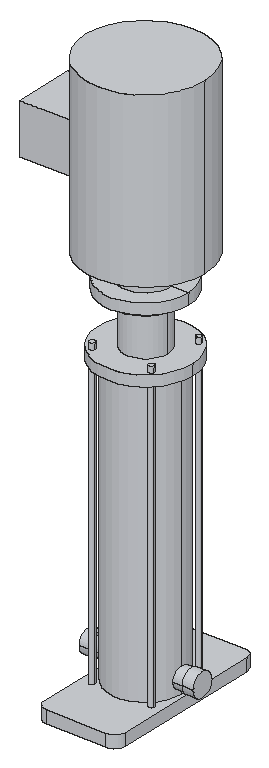
Revit family "多级离心泵 - 立式", category 机械设备, Revit 2020
Family settings
  圆形连接件大小 = 使用半径
  分类 = 泵
  零件类型 = 标准
  基于工作平面 = 否
  总是垂直 = 是
  加载时剪切的空心 = 否
  共享 = 否
  房间计算点 = 否
Parameters (values of type "标准")
  默认高程 = 0.0 mm
  h = 22.0 mm
  重量 = "65 kg"
  电压 = 380 V
  半径 12 = if(G1 < 2 * H, G1 / 2 - 2.0 mm, H)  # 50.0 mm
  泵符号 = 泵符号
  长度 7 = 半径 12 * sin(30.00°)  # 25.0 mm
  长度 6 = 2 * 半径 12 * cos(30.00°)  # 86.603 mm
  长度 5 = 0.4 * G1  # 84.0 mm
  长度 4 = 0.4 * G  # 128.0 mm
  D = 42.2 mm
  半径 11 = if(公称直径 < 65.0 mm, 半径 9, 法兰半径)  # 21.1 mm
  公称半径 = 16 mm
  公称直径 = 公称半径 * 2  # 32 mm
  半径 9 = D / 2  # 21.1 mm
  半径 8 = 0.6 * 半径 5  # 48.0 mm
  半径 7 = D1 / 2  # 110.0 mm
  半径 6 = 0.8 * 半径 5  # 64.0 mm
  半径 5 = if(D3 > 0.0 mm, D3 / 2, 1.5 * 半径 4)  # 80.0 mm
  半径 4 = 0.6 * 半径 2  # 40.5 mm
  半径 3 = 1.3 * 半径 2  # 87.75 mm
  半径 2 = 0.45 * G2  # 67.5 mm
  半径 10 = if(公称直径 < 65.0 mm, 半径 9 - 2.0 mm, 0.7 * 半径 9)  # 19.1 mm
  半径 1 = 20.0 mm  # constant formula
  泵材质 = none
  长度 3 = 高度 4 / 2  # 31.2 mm
  高度 4 = 0.8 * if(D2 - 半径 7 < 高度 3, D2 - 半径 7, 高度 3)  # 62.4 mm
  水头 = 4.7 MPa
  极数 = 3
  负荷分类 = 电气器具 - 居住单元
  长度 2 = if(公称直径 < 65.0 mm, 20.0 mm, 法兰厚度)  # 20.0 mm
  长度 1 = (半径 2 + 10.0 mm) * sin(45.00°)  # 54.801 mm
  高度 3 = B2 / 4  # 93.0 mm
  高度 2 = B2 / 7  # 53.143 mm
  高度 1 = B2 / 3  # 124.0 mm
  H = 50.0 mm
  G2 = 150.0 mm
  G1 = 210.0 mm
  G = 320.0 mm
  流量 = 1.0 m³/h
  法兰厚度 = size_lookup(法兰查找表, "FThk", 0.02 * 公称直径 + 17.5 mm, 公称直径)  # 18.0 mm
  法兰半径 = 法兰直径 / 2  # 70.0 mm
  法兰查找表 = "CHS_Flange Flat Face - Integral - Steel - PN 25"
  法兰直径 = size_lookup(法兰查找表, "FDia", 1.11 * 公称直径 + 113.0 mm, 公称直径)  # 140.0 mm
  D3 = 160.0 mm
  D2 = 188.0 mm
  D1 = 220.0 mm
  B2 = 372.0 mm
  B1 = 680.0 mm
  视在负荷 = 7.5 kW
Reference planes
  plane 1 "中心(前/后)": y = 0
  plane 2: z = 0
  plane 3 "中心(左/右)": x = 0
  plane 4: x = -75
  plane 5: x = 75
  plane 6: z = 22
  plane 7: z = 50
  plane 8: z = 680
  plane 9: z = 1052
  plane 10: y = 160
  plane 11: y = -160
  plane 12: z = 556
  plane 13: z = 576
  plane 14: x = 105
  plane 15: x = -105
  plane 16: z = 670
  plane 17: x = -80
  plane 18: x = -64
  plane 19: z = 660
  plane 20: x = -54.801
  plane 21: x = 54.801
  plane 22: y = 54.801
  plane 23: y = -54.801
  plane 24: z = 733.143
  plane 25: z = 892.571
  plane 26: z = 939.071
  plane 27: z = 846.071
  plane 28: x = -188
  plane 29: x = -110
  plane 30: x = -55
  plane 31: y = 55
  plane 32: y = -55
  plane 33: x = -85
  plane 34: x = 85
  plane 35: z = 586
  plane 36: z = 690
  plane 37: x = -110
  plane 38: x = -149
  plane 39: x = -164.6
  plane 40: x = -133.4
  plane 41: z = 923.771
  plane 42: z = 861.371
  plane 43: y = -32
  plane 44: z = 100
  plane 45: x = 21
  plane 46: x = -25
  plane 47: x = 50
  plane 48: z = 93.301
  plane 49: z = 6.699
  plane 50: x = -50
  plane 51: y = 0.2
  plane 52: y = -0.2
Forms (mm)
  Extrusion 1, solid, material <- "泵材质", detail levels fine
    sketch origin (0, 0, 0) x (1, 0, 0) y (0, 1, 0)
      loop
        arc (-55, 160) -> (-69.142, 154.142) -> (-75, 140) r 20
        line (-75, 140) -> (-75, -140)
        arc (-75, -140) -> (-69.142, -154.142) -> (-55, -160) r 20
        line (-55, -160) -> (55, -160)
        arc (55, -160) -> (69.142, -154.142) -> (75, -140) r 20
        line (75, -140) -> (75, 140)
        arc (75, 140) -> (69.142, 154.142) -> (55, 160) r 20
        line (55, 160) -> (-55, 160)
    from 0 to 22
  Extrusion 2, solid, material <- "泵材质", detail levels fine
    sketch origin (0, 0, 0) x (1, 0, 0) y (0, 1, 0)
      loop
        circle (0, 0) r 67.5
    from 22 to 556
  Extrusion 3, solid, material <- "泵材质", detail levels fine
    sketch origin (0, 0, 0) x (1, 0, 0) y (0, 1, 0)
      loop
        circle (0, 0) r 87.75
    from 556 to 576
  Extrusion 4, solid, material <- "泵材质", detail levels fine
    sketch origin (0, 0, 0) x (1, 0, 0) y (0, 1, 0)
      loop
        circle (0, 0) r 40.5
    from 576 to 660
  Revolve 5, solid, material <- "泵材质", detail levels fine
    sketch origin (0, 0, 0) x (1, 0, 0) y (0, 0, 1)
      loop
        line (-80, 690) -> (-80, 670) -> (-64, 670) -> (-64, 660) -> (0, 660) -> (0, 690) -> (-80, 690)
      axis (0, 690) -> (0, 660)
    angle from 0 to 360
  Extrusion 6, solid, material <- "泵材质", detail levels fine
    sketch origin (0, 0, 0) x (1, 0, 0) y (0, 1, 0)
      loop
        circle (-54.801, 54.801) r 5
      loop
        circle (54.801, 54.801) r 5
      loop
        circle (-54.801, -54.801) r 5
      loop
        circle (54.801, -54.801) r 5
    from 22 to 586
  Extrusion 7, solid, material <- "泵材质", detail levels fine
    sketch origin (0, 0, 0) x (1, 0, 0) y (0, 1, 0)
      loop
        circle (0, 0) r 110
    from 733.143 to 1052
  Extrusion 8, solid, material <- "泵材质", detail levels fine
    sketch origin (0, 0, 0) x (1, 0, 0) y (0, 1, 0)
      loop
        circle (0, 0) r 48
    from 690 to 733.143
  Extrusion 9, solid, material <- "泵材质", detail levels fine
    sketch origin (0, 0, 0) x (1, 0, 0) y (0, 0, 1)
      loop
        line (-188, 939.071) -> (-188, 846.071) -> (-55, 846.071) -> (-55, 939.071) -> (-188, 939.071)
    from -55 to 55
  Extrusion 10, solid, material <- "泵材质", detail levels fine
    sketch origin (0, 0, 0) x (0, 1, 0) y (0, 0, 1)
      loop
        circle (0, 50) r 19.1
    from -85 to 85
  Extrusion 11, solid, material <- "泵材质", detail levels fine
    sketch origin (0, 0, 0) x (0, 1, 0) y (0, 0, 1)
      loop
        circle (0, 50) r 21.1
    from 85 to 105
  Extrusion 12, solid, material <- "泵材质", detail levels fine
    sketch origin (0, 0, 0) x (0, 1, 0) y (0, 0, 1)
      loop
        circle (0, 50) r 21.1
    from -105 to -85
  Extrusion 13, solid, material "泵符号" <- "泵符号", detail levels coarse+medium
    sketch origin (0, 0, 0) x (1, 0, 0) y (0, 0, 1)
      loop
        line (-25, 93.301) -> (-25, 6.699) -> (50, 50) -> (-25, 93.301)
    from -0.2 to 0.2
Cuts and joins
  joined: Extrusion 1, Extrusion 2, Extrusion 3, Extrusion 4, Revolve 5, Extrusion 6, Extrusion 7, Extrusion 8, Extrusion 9, Extrusion 10, Extrusion 11, Extrusion 12
Lines and regions (mm)
  model lines, style "泵", detail levels fine
    curve 1: line (-149, -55, 923.771) -> (-164.6, -55, 892.571)
    curve 2: line (-164.6, -55, 892.571) -> (-133.4, -55, 892.571)
    curve 3: line (-133.4, -55, 892.571) -> (-149, -55, 861.371)
  symbolic lines, style "泵符号", detail levels coarse+medium
    curve 4: line (-105, 160, 0) -> (105, 160, 0)
    curve 5: line (-105, -160, 0) -> (-105, 160, 0)
    curve 6: line (105, -160, 0) -> (-105, -160, 0)
    curve 7: line (105, 160, 0) -> (105, -160, 0)
    curve 8: line (-105, -32, 0) -> (105, -32, 0)
    curve 9: line (-105, -32, 0) -> (105, -160, 0)
    curve 10: line (105, -32, 0) -> (-105, -160, 0)
    curve 11: line (0, 160, 100) -> (0, -160, 100)
    curve 12: line (0, 160, 0) -> (0, 160, 100)
    curve 13: line (0, -160, 0) -> (0, 160, 0)
    curve 14: line (0, -160, 100) -> (0, -160, 0)
    curve 15: line (0, -160, 100) -> (0, -32, 0)
    curve 16: line (0, -32, 100) -> (0, -160, 0)
    curve 17: line (0, -32, 100) -> (0, -32, 0)
    curve 18: line (-105, -55, 100) -> (105, -55, 100)
    curve 19: line (-105, -55, 0) -> (-105, -55, 100)
    curve 20: line (105, -55, 0) -> (-105, -55, 0)
    curve 21: line (105, -55, 100) -> (105, -55, 0)
    curve 22: line (21, -55, 100) -> (21, -55, 0)
    curve 23: line (21, -55, 100) -> (105, -55, 0)
    curve 24: line (105, -55, 100) -> (21, -55, 0)
  model lines, style "泵符号", detail levels coarse+medium
    curve 25: circle (0, 0, 50) r 50 normal (0, -1, 0)
    curve 26: line (-50, 0, 50) -> (-105, 0, 50)
    curve 27: line (50, 0, 50) -> (105, 0, 50)
Dimensions and locks
  equal spacing: plane 4, plane 3 "中心(左/右)", plane 5
  "G2": plane 4 to plane 5
  "h": plane 6 to plane 2
  "H": plane 7 to plane 2
  "B1": plane 8 to plane 2
  "B2": plane 9 to plane 8
  equal spacing: plane 10, plane 1 "中心(前/后)", plane 11
  "G": plane 10 to plane 11
  "高度 1": plane 8 to plane 12
  locked: plane 13 to plane 12 at 20
  equal spacing: plane 15, plane 3 "中心(左/右)", plane 14
  "G1": plane 15 to plane 14
  locked: plane 8 to plane 16 at 10
  "半径 6": plane 18 to plane 3 "中心(左/右)"
  "半径 5": plane 3 "中心(左/右)" to plane 17
  locked: plane 16 to plane 19 at 10
  equal spacing: plane 20, plane 3 "中心(左/右)", plane 21
  "长度 1": plane 20 to plane 3 "中心(左/右)"
  equal spacing: plane 22, plane 1 "中心(前/后)", plane 23
  "长度 1": plane 22 to plane 1 "中心(前/后)"
  "高度 2": plane 24 to plane 8
  equal spacing: plane 24, plane 25, plane 9
  equal spacing: plane 26, plane 25, plane 27
  "高度 3": plane 26 to plane 27
  "D2": plane 28 to plane 3 "中心(左/右)"
  "半径 7": plane 3 "中心(左/右)" to plane 29
  equal spacing: plane 3 "中心(左/右)", plane 30, plane 29
  equal spacing: plane 31, plane 1 "中心(前/后)", plane 32
  "半径 7": plane 31 to plane 32
  "长度 2": plane 34 to plane 14
  "长度 2": plane 15 to plane 33
  locked: plane 35 to plane 13 at 10
  locked: plane 36 to plane 8 at 10
  "半径 7": plane 37 to plane 3 "中心(左/右)"
  equal spacing: plane 28, plane 38, plane 37
  equal spacing: plane 40, plane 38, plane 39
  "长度 3": plane 40 to plane 39
  equal spacing: plane 41, plane 25, plane 42
  "高度 4": plane 41 to plane 42
  "长度 4": plane 43 to plane 11
  "H": plane 44 to plane 7
  "长度 5": plane 14 to plane 45
  "长度 7": plane 3 "中心(左/右)" to plane 46
  equal spacing: plane 48, plane 7, plane 49
  "长度 6": plane 48 to plane 49
  equal spacing: plane 47, plane 3 "中心(左/右)", plane 50
  "半径 12": plane 47 to plane 3 "中心(左/右)"
  locked: plane 51 to plane 1 "中心(前/后)" at 0.2
  locked: plane 52 to plane 1 "中心(前/后)" at 0.2
  "半径 1": radius of Extrusion 1 sketch curve  (x4)
  "半径 2": radius of Extrusion 2 sketch curve
  "半径 3": radius of Extrusion 3 sketch curve
  "半径 4": radius of Extrusion 4 sketch curve
  "半径 7": radius of Extrusion 7 sketch curve
  "半径 8": radius of Extrusion 8 sketch curve
  "半径 10": radius of Extrusion 10 sketch curve
  "半径 11": radius of Extrusion 11 sketch curve
  "半径 11": radius of Extrusion 12 sketch curve
  "半径 12": radius of curve 25
  aligned and locked: level to plane 2
  aligned and locked: Extrusion 1 sketch curve to plane 10
  aligned and locked: plane 4 to Extrusion 1 sketch curve
  aligned and locked: plane 11 to Extrusion 1 sketch curve
  aligned and locked: plane 5 to Extrusion 1 sketch curve
  aligned and locked: Extrusion 1 to plane 2
  aligned and locked: plane 6 to Extrusion 1
  aligned and locked: plane 1 "中心(前/后)" to Extrusion 2 sketch curve
  aligned and locked: plane 3 "中心(左/右)" to Extrusion 2 sketch curve
  aligned and locked: Extrusion 2 to plane 6
  aligned and locked: plane 12 to Extrusion 2
  aligned and locked: plane 1 "中心(前/后)" to Extrusion 3 sketch curve
  aligned and locked: plane 3 "中心(左/右)" to Extrusion 3 sketch curve
  aligned and locked: plane 13 to Extrusion 3
  aligned and locked: Extrusion 3 to plane 12
  aligned and locked: plane 1 "中心(前/后)" to Extrusion 4 sketch curve
  aligned and locked: plane 3 "中心(左/右)" to Extrusion 4 sketch curve
  aligned and locked: Extrusion 4 to plane 13
  aligned and locked: Revolve 5 sketch curve to plane 16
  aligned and locked: plane 3 "中心(左/右)" to Revolve 5 sketch curve
  aligned and locked: Revolve 5 sketch curve to plane 17
  aligned and locked: Revolve 5 sketch curve to plane 3 "中心(左/右)"
  aligned and locked: Revolve 5 sketch curve to plane 19
  aligned and locked: plane 18 to Revolve 5 sketch curve
  aligned and locked: plane 19 to Extrusion 4
  aligned and locked: plane 22 to Extrusion 6 sketch curve  (x2)
  aligned and locked: plane 20 to Extrusion 6 sketch curve  (x2)
  aligned and locked: plane 21 to Extrusion 6 sketch curve  (x2)
  aligned and locked: plane 23 to Extrusion 6 sketch curve  (x2)
  aligned and locked: Extrusion 6 to plane 6
  aligned and locked: plane 1 "中心(前/后)" to Extrusion 7 sketch curve
  aligned and locked: plane 3 "中心(左/右)" to Extrusion 7 sketch curve
  aligned and locked: Extrusion 7 to plane 24
  aligned and locked: plane 9 to Extrusion 7
  aligned and locked: plane 1 "中心(前/后)" to Extrusion 8 sketch curve
  aligned and locked: plane 3 "中心(左/右)" to Extrusion 8 sketch curve
  aligned and locked: plane 24 to Extrusion 8
  aligned and locked: Extrusion 9 sketch curve to plane 26
  aligned and locked: plane 28 to Extrusion 9 sketch curve
  aligned and locked: plane 27 to Extrusion 9 sketch curve
  aligned and locked: Extrusion 9 sketch curve to plane 30
  aligned and locked: plane 7 to Extrusion 10 sketch curve
  aligned and locked: plane 1 "中心(前/后)" to Extrusion 10 sketch curve
  aligned and locked: plane 35 to Extrusion 6
  aligned and locked: plane 7 to Extrusion 11 sketch curve
  aligned and locked: plane 1 "中心(前/后)" to Extrusion 11 sketch curve
  aligned and locked: plane 34 to Extrusion 10
  aligned and locked: Extrusion 10 to plane 33
  aligned and locked: Extrusion 11 to plane 34
  aligned and locked: Extrusion 11 to plane 14
  aligned and locked: plane 7 to Extrusion 12 sketch curve
  aligned and locked: plane 1 "中心(前/后)" to Extrusion 12 sketch curve
  aligned and locked: plane 33 to Extrusion 12
  aligned and locked: Extrusion 12 to plane 15
  aligned and locked: plane 36 to Revolve 5 sketch curve
  aligned and locked: cut or joined group 1 (Extrusion 1, Extrusion 2, Extrusion 3, Extrusion 4, Revolve 5, Extrusion 6, Extrusion 7, Extrusion 8, Extrusion 9, Extrusion 10, Extrusion 11, Extrusion 12) to plane 36
  aligned and locked: plane 31 to Extrusion 9
  aligned and locked: Extrusion 9 to plane 32
  aligned and locked: plane 42 to curve 3
  aligned and locked: plane 38 to curve 3
  aligned and locked: plane 40 to curve 3
  aligned and locked: plane 25 to curve 3
  aligned and locked: plane 25 to curve 2
  aligned and locked: plane 39 to curve 2
  aligned and locked: plane 41 to curve 1
  aligned and locked: plane 38 to curve 1
  aligned and locked: plane 15 to curve 5
  aligned and locked: plane 14 to curve 7
  aligned and locked: plane 11 to curve 6
  aligned and locked: curve 8 to plane 43
  aligned and locked: plane 11 to curve 10
  aligned and locked: plane 43 to curve 10
  aligned and locked: plane 14 to curve 10
  aligned and locked: plane 15 to curve 9
  aligned and locked: plane 2 to curve 16
  aligned and locked: plane 44 to curve 15
  aligned and locked: plane 43 to curve 16
  aligned and locked: plane 43 to curve 15
  aligned and locked: plane 11 to curve 14
  aligned and locked: curve 11 to plane 44
  aligned and locked: curve 12 to plane 10
  aligned and locked: plane 2 to curve 17
  aligned and locked: plane 43 to curve 17
  aligned and locked: plane 2 to curve 23
  aligned and locked: plane 14 to curve 24
  aligned and locked: plane 45 to curve 23
  aligned and locked: plane 45 to curve 24
  aligned and locked: plane 2 to curve 24
  aligned and locked: curve 18 to plane 44
  aligned and locked: plane 44 to curve 22
  aligned and locked: curve 22 to plane 45
  aligned and locked: plane 15 to curve 19
  aligned and locked: plane 7 to curve 25
  aligned and locked: plane 3 "中心(左/右)" to curve 25
  aligned and locked: plane 15 to curve 26
  aligned and locked: plane 7 to curve 26
  aligned and locked: plane 14 to curve 27
  aligned and locked: curve 27 to plane 7
  aligned and locked: plane 48 to Extrusion 13 sketch curve
  aligned and locked: plane 46 to Extrusion 13 sketch curve  (x2)
  aligned and locked: plane 49 to Extrusion 13 sketch curve
  aligned and locked: plane 47 to Extrusion 13 sketch curve
  aligned and locked: plane 7 to Extrusion 13 sketch curve
  aligned and locked: Extrusion 13 to plane 52
  aligned and locked: plane 51 to Extrusion 13
Automatic sketch dimensions
  Extrusion 3 sketch curve to plane 3 "中心(左/右)" = 0.0 mm
  Revolve 5 sketch curve to level = 366.045 mm
  plane 9 to Revolve 5 sketch curve = 1162.315 mm
  curve 4 to plane 10 = 0.0 mm
  radius of Extrusion 6 sketch curve = 5.0 mm  (x4)
Connectors
  piping at (-105, 0, 50), diameter 32, driven by "流量", driven by "公称半径"
    settings: on Extrusion 12, index 1, connector inside diameter 32 mm, connector length 0.0 mm, flow factor 0, pipe flow 1.0 m³/h, pressure drop 0.0 MPa, fitting loss kfactor 0, connector angle 0.00°, fixture units 0, engagement length 0.0 mm, angle of deflection 0.00°, flow configuration 0, flow direction 1, fitting loss method 0, system type 29, joint type 0, gender type 0, connector reference index 2, connector utility 0, adjustable connector no, is connector primary yes, connector description "吸入口"
  piping at (105, 0, 50), diameter 32, driven by "流量", driven by "公称半径"
    settings: on Extrusion 11, index 2, connector inside diameter 32 mm, connector length 0.0 mm, flow factor 0, pipe flow 1.0 m³/h, pressure drop 0.0 MPa, fitting loss kfactor 0, connector angle 0.00°, fixture units 0, engagement length 0.0 mm, angle of deflection 0.00°, flow configuration 0, flow direction 2, fitting loss method 0, system type 29, joint type 0, gender type 0, connector reference index 1, connector utility 0, adjustable connector no, is connector primary no, connector description "排放口"
  electrical at (-141.631, -55, 892.571), driven by "极数", driven by "负荷分类", driven by "电压", driven by "视在负荷"
    settings: on cut or joined group 1, index 3, voltage 380 V, apparent load 7.5 kW, apparent load phase1 0 kW, apparent load phase2 0 kW, apparent load phase3 0 kW, power factor 0.8, load classification "电气器具 - 居住单元", number of poles 3, system type 30, power factor state 1, is connector primary yes, connector utility no, sub classification motor no, connector description ""
Types in the file's own list only (12): name | h | 重量 | 半径 12 | 长度 7 | 长度 6 | 长度 5 | 长度 4 | D | 半径 11 | 公称半径 | 公称直径 | 半径 9 | 半径 8 | 半径 7 | 半径 6 | 半径 5 | 半径 4 | 半径 3 | 半径 2 | 半径 10 | 长度 3 | 高度 4 | 水头 | 长度 2 | 长度 1 | 高度 3 | 高度 2 | 高度 1 | H | G2 | G1 | G | 流量 | 法兰厚度 | 法兰半径 | 法兰查找表 | 法兰直径 | D3 | D2 | D1 | B2 | B1 | 视在负荷
  1 CMH - 460.6 m | 22.0 mm | "65 kg" | 50.0 mm | 25.0 mm | 86.6 mm | 84.0 mm | 128.0 mm | 42.2 mm | 21.1 mm | 16 mm | 32 mm | 21.1 mm | 48.0 mm | 110.0 mm | 64.0 mm | 80.0 mm | 40.5 mm | 87.8 mm | 67.5 mm | 19.1 mm | 31.2 mm | 62.4 mm | 4.7 MPa | 20.0 mm | 54.8 mm | 93.0 mm | 53.1 mm | 124.0 mm | 50.0 mm | 150.0 mm | 210.0 mm | 320.0 mm | 1.0 CMH | 18.0 mm | 70.0 mm | "CHS_Flange Flat Face - Integral - Steel - PN 25.csv" | 140.0 mm | 160.0 mm | 188.0 mm | 220.0 mm | 372.0 mm | 680.0 mm | 8 kW
  3 CMH - 460.6 m | 22.0 mm | "99 kg" | 50.0 mm | 25.0 mm | 86.6 mm | 84.0 mm | 128.0 mm | 42.2 mm | 21.1 mm | 16 mm | 32 mm | 21.1 mm | 48.0 mm | 110.0 mm | 64.0 mm | 80.0 mm | 40.5 mm | 87.8 mm | 67.5 mm | 19.1 mm | 31.2 mm | 62.4 mm | 4.7 MPa | 20.0 mm | 54.8 mm | 93.0 mm | 53.1 mm | 124.0 mm | 50.0 mm | 150.0 mm | 210.0 mm | 320.0 mm | 3.0 CMH | 18.0 mm | 70.0 mm | "CHS_Flange Flat Face - Integral - Steel - PN 25.csv" | 140.0 mm | 160.0 mm | 188.0 mm | 220.0 mm | 372.0 mm | 680.0 mm | 8 kW
  5 CMH - 450.8 m | 22.0 mm | "18 kg" | 50.0 mm | 25.0 mm | 86.6 mm | 84.0 mm | 128.0 mm | 42.2 mm | 21.1 mm | 16 mm | 32 mm | 21.1 mm | 36.5 mm | 70.5 mm | 48.6 mm | 60.8 mm | 40.5 mm | 87.8 mm | 67.5 mm | 19.1 mm | 15.4 mm | 30.8 mm | 4.6 MPa | 20.0 mm | 54.8 mm | 47.8 mm | 27.3 mm | 63.7 mm | 50.0 mm | 150.0 mm | 210.0 mm | 320.0 mm | 5.0 CMH | 18.0 mm | 70.0 mm | "CHS_Flange Flat Face - Integral - Steel - PN 25.csv" | 140.0 mm | 0.0 mm | 109.0 mm | 141.0 mm | 191.0 mm | 311.0 mm | 6 kW
  10 CMH - 431.2 m | 26.0 mm | "31 kg" | 80.0 mm | 40.0 mm | 138.6 mm | 104.4 mm | 99.2 mm | 60.1 mm | 30.1 mm | 25 mm | 50 mm | 30.1 mm | 48.6 mm | 70.5 mm | 64.8 mm | 81.0 mm | 54.0 mm | 117.0 mm | 90.0 mm | 28.1 mm | 15.4 mm | 30.8 mm | 4.4 MPa | 20.0 mm | 70.7 mm | 57.8 mm | 33.0 mm | 77.0 mm | 80.0 mm | 200.0 mm | 261.0 mm | 248.0 mm | 10.0 CMH | 20.0 mm | 82.5 mm | "CHS_Flange Flat Face - Integral - Steel - PN 25.csv" | 165.0 mm | 0.0 mm | 109.0 mm | 141.0 mm | 231.0 mm | 357.0 mm | 8 kW
  15 CMH - 450.8 m | 26.0 mm | "48 kg" | 90.0 mm | 45.0 mm | 155.9 mm | 104.4 mm | 99.2 mm | 60.1 mm | 30.1 mm | 25 mm | 50 mm | 30.1 mm | 48.6 mm | 99.0 mm | 64.8 mm | 81.0 mm | 54.0 mm | 117.0 mm | 90.0 mm | 28.1 mm | 8.4 mm | 16.8 mm | 4.6 MPa | 20.0 mm | 70.7 mm | 83.8 mm | 47.9 mm | 111.7 mm | 90.0 mm | 200.0 mm | 261.0 mm | 248.0 mm | 15.0 CMH | 20.0 mm | 82.5 mm | "CHS_Flange Flat Face - Integral - Steel - PN 25.csv" | 165.0 mm | 0.0 mm | 120.0 mm | 198.0 mm | 335.0 mm | 463.0 mm | 15 kW
  20 CMH - 470.4 m | 26.0 mm | "59 kg" | 90.0 mm | 45.0 mm | 155.9 mm | 104.4 mm | 99.2 mm | 60.1 mm | 30.1 mm | 25 mm | 50 mm | 30.1 mm | 48.6 mm | 110.0 mm | 64.8 mm | 81.0 mm | 54.0 mm | 117.0 mm | 90.0 mm | 28.1 mm | 9.6 mm | 19.2 mm | 4.8 MPa | 20.0 mm | 70.7 mm | 93.0 mm | 53.1 mm | 124.0 mm | 90.0 mm | 200.0 mm | 261.0 mm | 248.0 mm | 20.0 CMH | 20.0 mm | 82.5 mm | "CHS_Flange Flat Face - Integral - Steel - PN 25.csv" | 165.0 mm | 0.0 mm | 134.0 mm | 220.0 mm | 372.0 mm | 463.0 mm | 19 kW
  32 CMH - 382.2 m | 30.0 mm | "139 kg" | 105.0 mm | 52.5 mm | 181.9 mm | 128.0 mm | 119.2 mm | 185.0 mm | 92.5 mm | 33 mm | 65 mm | 92.5 mm | 105.0 mm | 130.0 mm | 140.0 mm | 175.0 mm | 61.0 mm | 132.2 mm | 101.7 mm | 64.8 mm | 16.8 mm | 33.6 mm | 3.9 MPa | 22.0 mm | 79.0 mm | 124.8 mm | 71.3 mm | 166.3 mm | 105.0 mm | 226.0 mm | 320.0 mm | 298.0 mm | 32.0 CMH | 22.0 mm | 92.5 mm | "CHS_Flange Flat Face - Integral - Steel - PN 25.csv" | 185.0 mm | 350.0 mm | 172.0 mm | 260.0 mm | 499.0 mm | 895.0 mm | 19 kW
  45 CMH - 382.2 m | 45.0 mm | "144 kg" | 140.0 mm | 70.0 mm | 242.5 mm | 146.0 mm | 132.4 mm | 200.0 mm | 100.0 mm | 40 mm | 80 mm | 100.0 mm | 105.0 mm | 130.0 mm | 140.0 mm | 175.0 mm | 67.0 mm | 145.1 mm | 111.6 mm | 70.0 mm | 16.8 mm | 33.6 mm | 3.9 MPa | 24.0 mm | 86.0 mm | 124.8 mm | 71.3 mm | 166.3 mm | 140.0 mm | 248.0 mm | 365.0 mm | 331.0 mm | 45.0 CMH | 24.0 mm | 100.0 mm | "CHS_Flange Flat Face - Integral - Steel - PN 25.csv" | 200.0 mm | 350.0 mm | 172.0 mm | 260.0 mm | 499.0 mm | 829.0 mm | 30 kW
  64 CMH - 382.2 m | 45.0 mm | "143 kg" | 140.0 mm | 70.0 mm | 242.5 mm | 146.0 mm | 132.4 mm | 235.0 mm | 117.5 mm | 50 mm | 100 mm | 117.5 mm | 105.0 mm | 130.0 mm | 140.0 mm | 175.0 mm | 67.0 mm | 145.1 mm | 111.6 mm | 82.3 mm | 16.8 mm | 33.6 mm | 3.9 MPa | 24.0 mm | 86.0 mm | 124.8 mm | 71.3 mm | 166.3 mm | 140.0 mm | 248.0 mm | 365.0 mm | 331.0 mm | 64.0 CMH | 24.0 mm | 117.5 mm | "CHS_Flange Flat Face - Integral - Steel - PN 25.csv" | 235.0 mm | 350.0 mm | 172.0 mm | 260.0 mm | 499.0 mm | 754.0 mm | 45 kW
  90 CMH - 392.0 m | 45.0 mm | "109 kg" | 140.0 mm | 70.0 mm | 242.5 mm | 152.0 mm | 139.2 mm | 235.0 mm | 117.5 mm | 50 mm | 100 mm | 117.5 mm | 90.0 mm | 110.0 mm | 120.0 mm | 150.0 mm | 70.5 mm | 152.7 mm | 117.5 mm | 82.3 mm | 9.6 mm | 19.2 mm | 4.0 MPa | 24.0 mm | 90.1 mm | 97.8 mm | 55.9 mm | 130.3 mm | 140.0 mm | 261.0 mm | 380.0 mm | 348.0 mm | 90.0 CMH | 24.0 mm | 117.5 mm | "CHS_Flange Flat Face - Integral - Steel - PN 25.csv" | 235.0 mm | 300.0 mm | 134.0 mm | 220.0 mm | 391.0 mm | 571.0 mm | 45 kW
  120 CMH - 392.0 m | 45.0 mm | "175 kg" | 140.0 mm | 70.0 mm | 242.5 mm | 152.0 mm | 139.2 mm | 235.0 mm | 117.5 mm | 50 mm | 100 mm | 117.5 mm | 105.0 mm | 130.0 mm | 140.0 mm | 175.0 mm | 70.5 mm | 152.7 mm | 117.5 mm | 82.3 mm | 16.8 mm | 33.6 mm | 4.0 MPa | 24.0 mm | 90.1 mm | 124.8 mm | 71.3 mm | 166.3 mm | 140.0 mm | 261.0 mm | 380.0 mm | 348.0 mm | 120.0 CMH | 24.0 mm | 117.5 mm | "CHS_Flange Flat Face - Integral - Steel - PN 25.csv" | 235.0 mm | 350.0 mm | 172.0 mm | 260.0 mm | 499.0 mm | 834.0 mm | 75 kW
  150 CMH - 382.2 m | 43.0 mm | "172 kg" | 180.0 mm | 90.0 mm | 311.8 mm | 152.0 mm | 188.8 mm | 270.0 mm | 135.0 mm | 63 mm | 125 mm | 135.0 mm | 105.0 mm | 130.0 mm | 140.0 mm | 175.0 mm | 92.9 mm | 201.2 mm | 154.8 mm | 94.5 mm | 16.8 mm | 33.6 mm | 3.9 MPa | 26.0 mm | 116.5 mm | 124.8 mm | 71.3 mm | 166.3 mm | 180.0 mm | 344.0 mm | 380.0 mm | 472.0 mm | 150.0 CMH | 26.0 mm | 135.0 mm | "CHS_Flange Flat Face - Integral - Steel - PN 25.csv" | 270.0 mm | 350.0 mm | 172.0 mm | 260.0 mm | 499.0 mm | 834.0 mm | 75 kW
